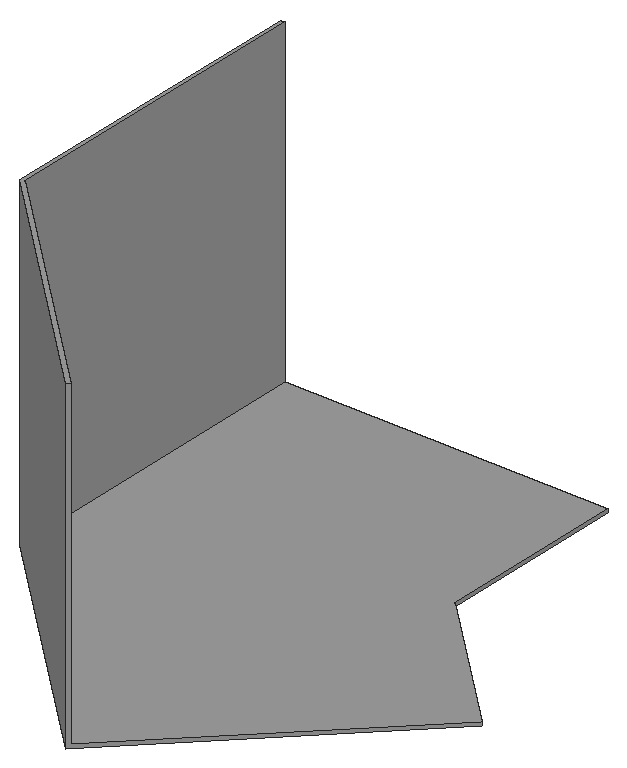
Revit family "Flashing_Preformed_Hyload_Inside135", category Generic Models, Revit 2013
Parameters (values of type "As Specified")
  Unit Width = 0' - 6"
  Unit Height = 0' - 6"
  Unit Depth = 0' - 6"
  URL = "http://www.hyload.com/"
  Thickness = 0' - 0 1/16"
  Specification = "http://www.arcat.com/sdspecs/htm04/07_65_00hyl.htm"
  Sales Information = "http://www.hyload.com/contact-us"
  Revision = "R1_12-2015"
  Product Properties = "http://www.hyload.com/masonry-flashing/preformed-shapes/"
  Product Data = "http://www.arcat.com/arcatcos/cos33/arc33176.html"
  Model = "Inside Corner (135)"
  Manufacturer Website = "http://www.hyload.com/"
  Manufacturer Phone - Toll Free = "800-457-4056"
  Manufacturer Phone = "330-769-3546"
  Manufacturer Fax = "330-769-4153"
  Manufacturer Address = "5020 Panther Pkwy., Seville, OH 44273"
  Manufacturer = "Hyload"
  Keynote = "07 65 00"
  Flashing Material = Hyload Flashing Membrane - Grey
  Drawn By = "Robert S. Weygant / Sumex Design"
  Description = "Preformed Hyload Masonry Flashing - Inside Corner (135)"
  Copyright = "(c) ARCAT, Inc, 2015"
  Construction Details = "http://www.arcat.com/details/hyload/hyload.html?coid=33176"
  Assembly Code = "B3010400"
Reference planes (in)
  plane 1 "Center (Front/Back)": y = 0
  plane 2: z = 0
  plane 3 "Center (Left/Right)": x = 0
  plane 4: y = 6
  plane 5: x = 6
  plane 6: z = 6
Forms (in)
  Extrusion 1, solid, material "Hyload Flashing Membrane - Grey" <- "Flashing Material"
    sketch origin (0, 0, 0) x (1, 0, 0) y (0, 1, 0)
      loop
        line (0, 6) -> (0, 0) -> (4.24264, -4.24264) -> (8.48528, 0) -> (6, 2.48528) -> (6, 6) -> (0, 6)
    from 0 to 0.0625 <- "Thickness"
  Extrusion 2, solid, material "Hyload Flashing Membrane - Grey" <- "Flashing Material"
    sketch origin (0, 0, 0) x (1, 0, 0) y (0, 1, 0)
      loop
        line (0, 6) -> (0, 0) -> (4.24264, -4.24264) -> (4.28683, -4.19845) -> (0.0625, 0.02589) -> (0.0625, 6) -> (0, 6)
    from 0 to 6 <- "Unit Height"
Cuts and joins
  joined: Extrusion 1, Extrusion 2
Dimensions and locks (in)
  "Unit Depth": plane 1 "Center (Front/Back)" to plane 4
  "Unit Width": plane 3 "Center (Left/Right)" to plane 5
  "Unit Height": plane 6 to level
  "Thickness": plane 3 "Center (Left/Right)" to Extrusion 2 sketch curve
  "Unit Depth": Extrusion 2 sketch curve to Extrusion 2 sketch curve
  "Thickness": Extrusion 2 sketch curve to Extrusion 2 sketch curve
  aligned and locked: plane 2 to level
  aligned and locked: Extrusion 1 sketch curve to plane 4
  aligned and locked: plane 3 "Center (Left/Right)" to Extrusion 1 sketch curve
  aligned and locked: Extrusion 1 sketch curve to plane 5
  aligned and locked: plane 4 to Extrusion 2 sketch curve
  aligned and locked: Extrusion 2 sketch curve to plane 3 "Center (Left/Right)"
  aligned and locked: Extrusion 2 to level
Automatic sketch dimensions
  plane 1 "Center (Front/Back)" to Extrusion 2 sketch curve = 0' - 0"
  Extrusion 2 sketch curve to Extrusion 2 sketch curve = 0' - 0.04419"
  plane 1 "Center (Front/Back)" to Extrusion 1 sketch curve = 0' - 0"  (x2)
  Extrusion 1 sketch curve to plane 5 = 0' - 1.75736"
  plane 5 to Extrusion 1 sketch curve = 0' - 2.48528"
